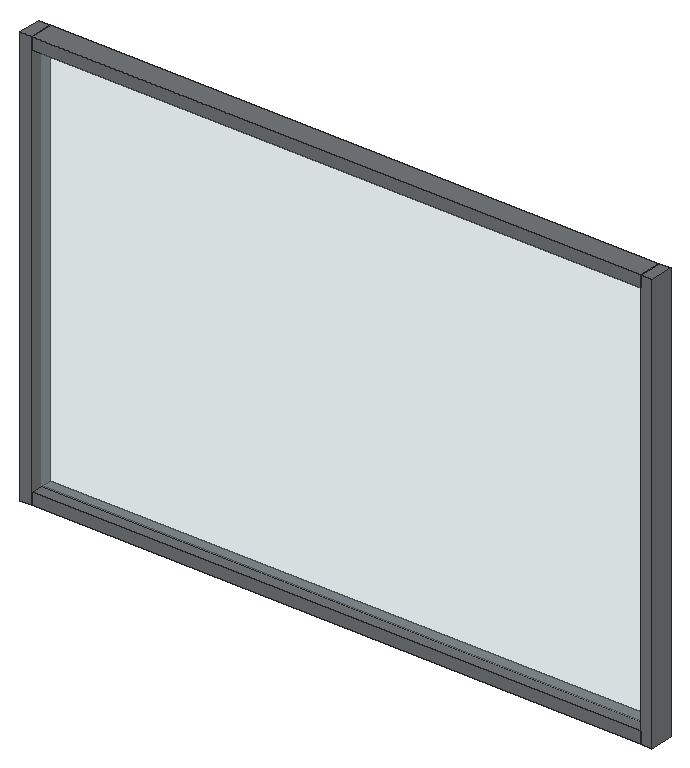
Revit family "LC W09 - A11", category Windows, host Wall, Revit 2027
Family settings
  Host = Wall
  Always vertical = Yes
  Cut with Voids When Loaded = No
  Shared = No
  Room Calculation Point = No
Parameters (values of type "A11 nominal size")
  Height = 1800 mm  # constant formula
  Description = "A07/A08 position, A11 overall sizes. Frame50x100 and glazing6mm are visual coordination profiles; manufacturer sections/glazing specification pending. Panel divisions follow schedule appearance, undimensioned divisions provisional."
  Default Sill Height = 0 mm
  Wall Closure = By host
  Width = 2710 mm  # constant formula
Reference planes
  plane 1 "Center (Front/Back)": y = 0
  plane 2 "Center (Left/Right)": x = 0
  plane 3 "Left": x = -1355
  plane 4 "Right": x = 1355
  plane 5 "Sill": z = 0
  plane 6 "Head": z = 1800
  plane 7 "Exterior": y = 100
  plane 8 "Interior": y = -100
Forms (mm)
  Extrusion 1, solid, material "LC Aluminium - charcoal coordination"
    sketch origin (0, 0, 0) x (1, 0, 0) y (0, 1, 0)
      loop
        line (-1355, -50) -> (-1305, -50) -> (-1305, 50) -> (-1355, 50) -> (-1355, -50)
    from 0 to 1800
  Extrusion 2, solid, material "LC Aluminium - charcoal coordination"
    sketch origin (0, 0, 0) x (1, 0, 0) y (0, 1, 0)
      loop
        line (1305, -50) -> (1355, -50) -> (1355, 50) -> (1305, 50) -> (1305, -50)
    from 0 to 1800
  Extrusion 3, solid, material "LC Aluminium - charcoal coordination"
    sketch origin (0, 0, 0) x (1, 0, 0) y (0, 1, 0)
      loop
        line (-1305, -50) -> (1305, -50) -> (1305, 50) -> (-1305, 50) -> (-1305, -50)
    from 1750 to 1800
  Extrusion 4, solid, material "LC Aluminium - charcoal coordination"
    sketch origin (0, 0, 0) x (1, 0, 0) y (0, 1, 0)
      loop
        line (-1305, -50) -> (1305, -50) -> (1305, 50) -> (-1305, 50) -> (-1305, -50)
    from 0 to 50
  Extrusion 5, solid, material "LC Glazing - specification pending"
    sketch origin (0, 0, 0) x (1, 0, 0) y (0, 1, 0)
      loop
        line (-1305, -3) -> (1305, -3) -> (1305, 3) -> (-1305, 3) -> (-1305, -3)
    from 50 to 1750
Lines and regions (mm)
  Opening 1
    outline origin (3500, -100, 0) x (1, 0, 0) y (0, 0, 1)
      loop
        line (-2145, 0) -> (-2145, 1800) -> (-4855, 1800) -> (-4855, 0) -> (-2145, 0)
Text (mm)
  text "Exterior" at (-1963.203, 1332.353, 0), in view "Ref. Level"
  text "Interior" at (-1981.466, -818.386, 0), in view "Ref. Level"
  text "Exterior" at (0, 923.751, 2943.296), in view "Right"
  text "Exterior" at (0, 1040.484, 2685.409), in view "Left"
Dimensions and locks
  equal spacing: plane 3 "Left", plane 2 "Center (Left/Right)", plane 4 "Right"
  "Width": plane 3 "Left" to plane 4 "Right"
  "Height": plane 5 "Sill" to plane 6 "Head"
  "Default Sill Height": plane 5 "Sill" to level
  locked: plane 7 "Exterior" to host wall
  locked: plane 8 "Interior" to host wall
Automatic sketch dimensions
  Opening 1 sketch curve to plane 3 "Left" = 0 mm
  Opening 1 sketch curve to plane 4 "Right" = 0 mm
  Opening 1 sketch curve to plane 5 "Sill" = 0 mm
  Opening 1 sketch curve to plane 6 "Head" = 0 mm
  Extrusion 1 sketch curve to plane 3 "Left" = 0 mm
  Extrusion 1 sketch curve to Extrusion 1 sketch curve = 50 mm
  host wall to Extrusion 1 sketch curve = 50 mm
  Extrusion 1 sketch curve to host wall = 50 mm
  Extrusion 2 sketch curve to plane 4 "Right" = 0 mm
  plane 4 "Right" to Extrusion 2 sketch curve = 50 mm
  host wall to Extrusion 2 sketch curve = 50 mm
  Extrusion 2 sketch curve to host wall = 50 mm
  Extrusion 3 sketch curve to plane 3 "Left" = 50 mm
  plane 4 "Right" to Extrusion 3 sketch curve = 50 mm
  host wall to Extrusion 3 sketch curve = 50 mm
  Extrusion 3 sketch curve to host wall = 50 mm
  Extrusion 4 sketch curve to plane 3 "Left" = 50 mm
  plane 4 "Right" to Extrusion 4 sketch curve = 50 mm
  host wall to Extrusion 4 sketch curve = 50 mm
  Extrusion 4 sketch curve to host wall = 50 mm
  host wall to Extrusion 5 sketch curve = 3 mm
  Extrusion 5 sketch curve to plane 3 "Left" = 50 mm
  Extrusion 5 sketch curve to host wall = 3 mm
  plane 4 "Right" to Extrusion 5 sketch curve = 50 mm
